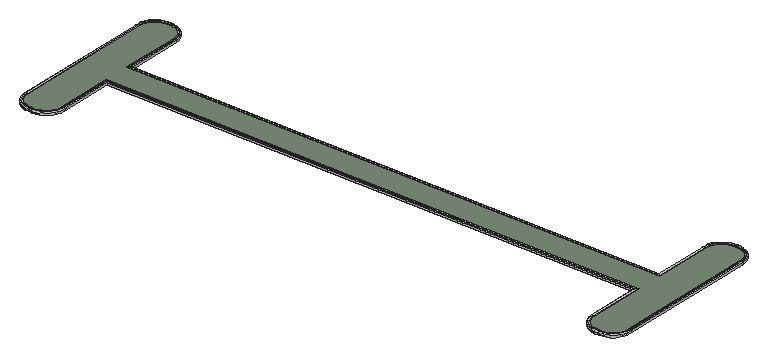
Revit family
Parameters (values of type "15 Spaces Per Row")
  Parking Depth = 4800 mm
  Parking Width [instance] = 36000 mm
Types (3, lengths in mm): name | Parking Width
  (no name) | 36000
  15 Spaces Per Row | 36000
  20 Spaces Per Row | 48000
Reference planes
  plane 1: z = 0
  plane 2 "Center (Left/Right)": x = -1955.8
  plane 3: x = -42731
  plane 4: y = -6223
  plane 5: y = -1423
  plane 6: x = -40343.4
  plane 7: x = -4343.4
  plane 8: y = 405.8
  plane 9: x = -40191
  plane 10: x = -42883.4
  plane 11: y = 558.2
  plane 12: y = -1575.4
  plane 13: x = -1803.4
  plane 14: x = -4495.8
  plane 15: y = -6375.4
  plane 16: y = 5358.2
  plane 17: y = 5510.6
Forms (mm)
  Sweep 1, solid, material "Concrete - Cast-in-Place Concrete"
    path origin (0, 0, 0) x (1, 0, 0) y (0, 1, 0)
      loop
        arc (-4495.8, -5156.2) -> (-4138.705, -6018.305) -> (-3276.6, -6375.4) r 1219.2
        line (-3276.6, -6375.4) -> (-3022.6, -6375.4)
        arc (-3022.6, -6375.4) -> (-2160.495, -6018.305) -> (-1803.4, -5156.2) r 1219.2
        line (-1803.4, -5156.2) -> (-1803.4, 4291.4)
        arc (-1803.4, 4291.4) -> (-2160.495, 5153.505) -> (-3022.6, 5510.6) r 1219.2
        line (-3022.6, 5510.6) -> (-3276.6, 5510.6)
        arc (-3276.6, 5510.6) -> (-4138.705, 5153.505) -> (-4495.8, 4291.4) r 1219.2
        line (-4495.8, 4291.4) -> (-4495.8, 558.2) -> (-40191, 558.2) -> (-40191, 4291.4)
        arc (-40191, 4291.4) -> (-40548.095, 5153.505) -> (-41410.2, 5510.6) r 1219.2
        line (-41410.2, 5510.6) -> (-41664.2, 5510.6)
        arc (-41664.2, 5510.6) -> (-42526.305, 5153.505) -> (-42883.4, 4291.4) r 1219.2
        line (-42883.4, 4291.4) -> (-42883.4, -5156.2)
        arc (-42883.4, -5156.2) -> (-42526.305, -6018.305) -> (-41664.2, -6375.4) r 1219.2
        line (-41664.2, -6375.4) -> (-41410.2, -6375.4)
        arc (-41410.2, -6375.4) -> (-40548.095, -6018.305) -> (-40191, -5156.2) r 1219.2
        line (-40191, -5156.2) -> (-40191, -1575.4) -> (-4495.8, -1575.4) -> (-4495.8, -5156.2)
    profile origin (0, -3365.8, 0) x (-1, 0, 0) y (0, 0, 1)
      loop
        line (4495.8, 0) -> (4495.8, 127)
        arc (4495.8, 127) -> (4480.921, 162.921) -> (4445, 177.8) r 50.8
        line (4445, 177.8) -> (4318, 177.8) -> (4318, 0) -> (4495.8, 0)
  Extrusion 2, solid, material "Site - Grass"
    sketch origin (0, 0, 0) x (1, 0, 0) y (0, 1, 0)
      loop
        line (-1955.8, -5181.6) -> (-1955.8, 4316.8)
        arc (-1955.8, 4316.8) -> (-2260.819, 5053.181) -> (-2997.2, 5358.2) r 1041.4
        line (-2997.2, 5358.2) -> (-3302, 5358.2)
        arc (-3302, 5358.2) -> (-4038.381, 5053.181) -> (-4343.4, 4316.8) r 1041.4
        line (-4343.4, 4316.8) -> (-4343.4, 405.8) -> (-40343.4, 405.8) -> (-40343.4, 4316.8)
        arc (-40343.4, 4316.8) -> (-40648.419, 5053.181) -> (-41384.8, 5358.2) r 1041.4
        line (-41384.8, 5358.2) -> (-41689.6, 5358.2)
        arc (-41689.6, 5358.2) -> (-42425.981, 5053.181) -> (-42731, 4316.8) r 1041.4
        line (-42731, 4316.8) -> (-42731, -5181.6)
        arc (-42731, -5181.6) -> (-42425.981, -5917.981) -> (-41689.6, -6223) r 1041.4
        line (-41689.6, -6223) -> (-41384.8, -6223)
        arc (-41384.8, -6223) -> (-40648.419, -5917.981) -> (-40343.4, -5181.6) r 1041.4
        line (-40343.4, -5181.6) -> (-40343.4, -1423) -> (-4343.4, -1423) -> (-4343.4, -5181.6)
        arc (-4343.4, -5181.6) -> (-4038.381, -5917.981) -> (-3302, -6223) r 1041.4
        line (-3302, -6223) -> (-2997.2, -6223)
        arc (-2997.2, -6223) -> (-2260.819, -5917.981) -> (-1955.8, -5181.6) r 1041.4
    from 0 to 177.8
Lines and regions (mm)
  symbolic lines, style "Parking Island"
    curve 1: line (-42731, 4291.4, 0) -> (-42731, -5181.655, 0)
    curve 2: line (-40343.4, -5181.655, 0) -> (-40343.4, -1423, 0)
    curve 3: line (-40343.4, -1423, 0) -> (-4343.4, -1423, 0)
    curve 4: line (-4343.4, 405.8, 0) -> (-40368.8, 405.8, 0)
    curve 5: line (-4343.4, -1423, 0) -> (-4343.4, -5181.6, 0)
    curve 6: arc (-4343.4, -5181.6, 0) -> (-4038.381, -5917.981, 0) -> (-3302, -6223, 0) r 1041.4
    curve 7: line (-3302, -6223, 0) -> (-2997.2, -6223, 0)
    curve 8: arc (-2997.2, -6223, 0) -> (-2260.819, -5917.981, 0) -> (-1955.8, -5181.6, 0) r 1041.4
    curve 9: line (-1955.8, -5181.6, 0) -> (-1955.8, 4316.8, 0)
    curve 10: line (-40343.4, -1423, 0) -> (-40343.4, -5181.655, 0)
    curve 11: arc (-40343.4, -5181.655, 0) -> (-40648.419, -5918.036, 0) -> (-41384.8, -6223.055, 0) r 1041.4
    curve 12: line (-41384.8, -6223.055, 0) -> (-41689.6, -6223.055, 0)
    curve 13: arc (-41689.6, -6223.055, 0) -> (-42425.981, -5918.036, 0) -> (-42731, -5181.655, 0) r 1041.4
    curve 14: line (-4343.4, 405.8, 0) -> (-4343.4, 4316.8, 0)
    curve 15: line (-3302, 5358.2, 0) -> (-2997.2, 5358.2, 0)
    curve 16: arc (-2997.2, 5358.2, 0) -> (-2260.819, 5053.181, 0) -> (-1955.8, 4316.8, 0) r 1041.4
    curve 17: arc (-4343.4, 4316.8, 0) -> (-4038.381, 5053.181, 0) -> (-3302, 5358.2, 0) r 1041.4
    curve 18: line (-40368.8, 405.8, 0) -> (-40368.8, 4291.4, 0)
    curve 19: line (-41689.6, 5332.8, 0) -> (-41410.2, 5332.8, 0)
    curve 20: arc (-41689.6, 5332.8, 0) -> (-42425.981, 5027.781, 0) -> (-42731, 4291.4, 0) r 1041.4
    curve 21: arc (-41410.2, 5332.8, 0) -> (-40673.819, 5027.781, 0) -> (-40368.8, 4291.4, 0) r 1041.4
Dimensions and locks
  plane 3 to plane 6 = 2387.6 mm
  plane 7 to plane 2 "Center (Left/Right)" = 2387.6 mm
  "Parking Width": plane 6 to plane 7
  locked: plane 8 to plane 11 at 152.4
  locked: plane 5 to plane 12 at 152.4
  locked: plane 6 to plane 9 at 152.4
  locked: plane 10 to plane 3 at 152.4
  locked: plane 14 to plane 7 at 152.4
  locked: plane 2 "Center (Left/Right)" to plane 13 at 152.4
  locked: plane 4 to plane 15 at 152.4
  plane 5 to plane 8 = 1828.8 mm
  "Parking Depth": plane 5 to plane 4
  locked: plane 16 to plane 17 at 152.4
  "Parking Depth": plane 11 to plane 16
  aligned and locked: Extrusion 2 sketch curve to plane 8
  aligned and locked: plane 6 to Extrusion 2 sketch curve
  aligned and locked: Extrusion 2 sketch curve to plane 3
  aligned and locked: Extrusion 2 sketch curve to plane 2 "Center (Left/Right)"
  aligned and locked: plane 9 to Sweep 1 sketch curve
  aligned and locked: plane 10 to Sweep 1 sketch curve
  aligned and locked: Sweep 1 sketch curve to plane 11
  aligned and locked: plane 12 to Sweep 1 sketch curve
  aligned and locked: plane 15 to Sweep 1 sketch curve
  aligned and locked: Sweep 1 sketch curve to plane 14
  aligned and locked: curve 9 to plane 2 "Center (Left/Right)"
  aligned and locked: curve 7 to plane 4
  aligned and locked: plane 7 to curve 5
  aligned and locked: curve 4 to plane 8
  aligned and locked: plane 6 to curve 10
  aligned and locked: plane 3 to curve 1
  aligned and locked: Extrusion 2 sketch curve to curve 5
  aligned and locked: curve 3 to Extrusion 2 sketch curve
  aligned and locked: plane 16 to Extrusion 2 sketch curve
  aligned and locked: Extrusion 2 sketch curve to plane 16
  aligned and locked: Extrusion 2 sketch curve to Extrusion 2 sketch curve
  aligned and locked: Sweep 1 sketch curve to plane 17
Automatic sketch dimensions
  Sweep 1 sketch curve to level = 0 mm
  Sweep 1 sketch curve to profile plane = 0 mm
  profile plane to Sweep 1 sketch curve = 50.8 mm
  Sweep 1 sketch curve to Sweep 1 sketch curve = 127 mm  (x2)
  Extrusion 2 sketch curve to plane 4 = 0 mm  (x2)
  Extrusion 2 sketch curve to plane 5 = 0 mm
  Extrusion 2 sketch curve to plane 3 = 1041.4 mm  (x2)
  Extrusion 2 sketch curve to Extrusion 2 sketch curve = 304.8 mm  (x4)
  Extrusion 2 sketch curve to Extrusion 2 sketch curve = 1041.4 mm
  Extrusion 2 sketch curve to plane 2 "Center (Left/Right)" = 1346.2 mm
  Sweep 1 sketch curve to plane 9 = 0 mm
  Sweep 1 sketch curve to plane 14 = 0 mm
  Sweep 1 sketch curve to plane 15 = 0 mm
  Sweep 1 sketch curve to plane 17 = 0 mm
  Sweep 1 sketch curve to plane 13 = 0 mm
  Sweep 1 sketch curve to plane 3 = 1066.8 mm  (x2)
  Sweep 1 sketch curve to Sweep 1 sketch curve = 254 mm  (x4)
  Sweep 1 sketch curve to Sweep 1 sketch curve = 1219.2 mm
  Sweep 1 sketch curve to plane 2 "Center (Left/Right)" = 1320.8 mm
  curve 17 to plane 7 = 0 mm
  curve 15 to plane 16 = 0 mm
  curve 3 to plane 5 = 0 mm
  curve 20 to plane 3 = 1041.4 mm
  curve 13 to plane 3 = 1041.4 mm
  plane 16 to curve 21 = 25.4 mm
  curve 19 to curve 21 = 279.4 mm
  curve 12 to plane 4 = 0.055 mm
  curve 12 to curve 12 = 304.8 mm
  plane 6 to curve 18 = 25.4 mm
  curve 5 to curve 6 = 1041.4 mm
  curve 14 to curve 17 = 1041.4 mm
  curve 6 to curve 7 = 304.8 mm
  curve 15 to curve 16 = 304.8 mm
